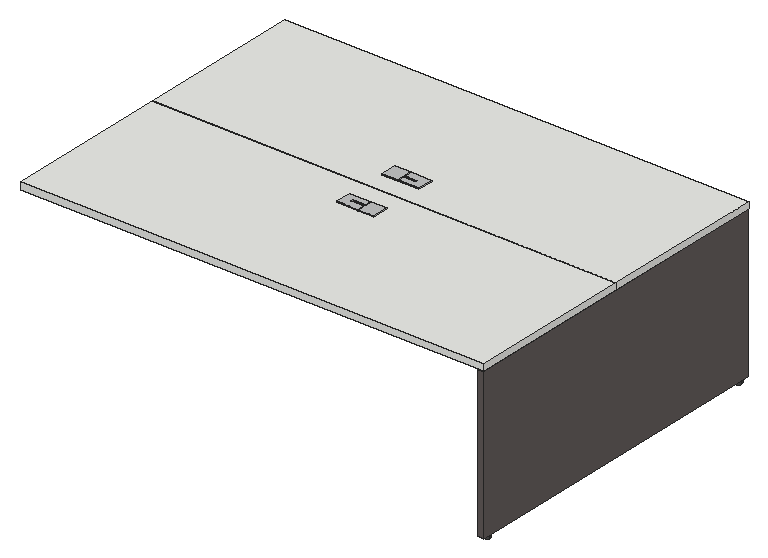
Revit family "Spine_Desks-Teknion-RMDEL_Spine_Desk_Shared_Right_End_Position-R2019", category Furniture, Revit 2019
Family settings
  OmniClass Number = 23.40.20.00
  OmniClass Title = General Furniture and Specialties
  Work Plane-Based = No
  Always vertical = Yes
  Cut with Voids When Loaded = No
  Shared = Yes
  Room Calculation Point = No
Parameters (values of type "Rectangular Grommets Centered, Raised Modesty Panel")
  Worksurface Grommet / Access Door Finish [instance] = Paint - Teknion - Mica - Platinum
  Worksurface Finish [instance] = Foundation Laminate - Teknion - XG - Very White
  Width [instance] = 84.000"
  Warranty = "http://www.teknion.com/ca/papers/legal-canada"
  Unit Weight URL = "http://www.teknion.com/ca/tools/assets#&asset=bee6a381-b954-425e-8283-5a2de3a804f2,f828d448-4b62-4231-9e5f-9a8991c0ed77"
  URL = "www.teknion.com"
  To render please download texture images found here [instance] = "https://assets.teknion.com/web/5e81352c1dfdb467/revit-material-swatches/"
  Sustainability Data = "https://www.teknion.com/ca/tools/assets#&topic=216f99a5-57a0-44fc-b10a-9dee9b29ae4c&asset=444deb64-fe58-4b68-981e-f75e97781df7,b4ff2d81-9f2e-437d-9659-7cffb09c31cf"
  Series = "Expansion Desking"  # constant formula
  Right Access Door = no
  Product Page URL = "https://www.teknion.com/ca/products/product-details?productLineId=2b4e336e-8e7a-673b-a6c8-ff00004460c4"
  Product Line = "Expansion Desking"  # constant formula
  Product Documentation Link = "https://www.teknion.com/pricing/expansion-desking/pdfs/RMDEL_ppg.pdf"
  Part Number = "RMDEL"  # constant formula
  Modesty Panel Finish [instance] = Veneer - Teknion - VB - Flintwood - Black Walnut
  Model = "RMDELRC_____"
  Manufacturer Phone = "416-661-3370"  # constant formula
  Manufacturer Fax = "416.661.4586"  # constant formula
  Manufacturer Contact Information = "http://www.teknion.com/ca/contactus"
  Manufacturer Address = "1150 Flint Road, Toronto, ON. M3J 2J5. Canada"  # constant formula
  Manufacturer = "Teknion"  # constant formula
  Middle Access Door = no
  Left Access Door = no
  How To Use Teknion Materials User Guide [instance] = "https://assets.teknion.com/m/205dd0a49fa58060/original/How-to-add-a-Material-Library-and-Texture-Images-to-your-Revit-project.pdf"
  Has Full End Gable No Grommet [instance] = not(Has Full End Gable Grommet)  # yes
  Has Full End Gable Grommet [instance] = no
  Full End Gable Grommet Options [instance] = "Select one option below:"  # constant formula
  Full End Gable Finish [instance] = Veneer - Teknion - VB - Flintwood - Black Walnut
  Front Access Panel Cutout Offset [instance] = if(Offset Left Access Door, 15.000", if(Offset Right Access Door, Width - 15.000", if(Left Access Door, 15.000", if(Middle Access Door, Width / 2, Width - 15.000"))))  # 69.000"
  For Additional Finishes please visit [instance] = "https://assets.teknion.com/m/44a8009b046e5d47/original/Teknion_Materials_Library.zip"
  Offset Right Access Door = no
  Description = "Spine Desk - Shared - Right-End Position, Raised Modesty Panel, Rectangular Grommets Centered"
  Depth [instance] = 60.000"
  Offset Left Access Door = no
  Connection Node Visibility [instance] = yes
  Center Grommet Cutout [instance] = if(Centered Rectangular Grommet, 3.000", 0.500")  # 3.000"
  Centered Rectangular Grommet = yes
  Both End Grommet Cutout [instance] = if(Both Ends Rectangular Grommet, 3.000", 0.500")  # 0.500"
  Back Access Panel Cutout Offset [instance] = if(Offset Left Access Door, Width - 15.000", if(Offset Right Access Door, 15.000", if(Left Access Door, 15.000", if(Middle Access Door, Width / 2, Width - 15.000"))))  # 69.000"
  Both Ends Rectangular Grommet = no
  Available Width [instance] = if(or(Both Ends Rectangular Grommet, Left Access Door, Right Access Door), "48\", 54\", 60\", 66\", 72\", 78\", or 84\"", if(or(Offset Left Access Door, Offset Right Access Door), "60\", 66\", 72\", 78\", or 84\"", "30\", 36\", 42\", 48\", 54\", 60\", 66\", 72\", 78\", or 84\""))  # "30\", 36\", 42\", 48\", 54\", 60\", 66\", 72\", 78\", or 84\""
  Available Depth [instance] = "48\", or 60\""  # constant formula
  Assembly Code = "E2020200"
  Access Door Cutout [instance] = if(Access Door, 3.000", 0.500")  # 0.500"
  Access Door = or(Offset Left Access Door, Offset Right Access Door, Left Access Door, Middle Access Door, Right Access Door)  # no
Types (8): name | Right Access Door | Model | Middle Access Door | Left Access Door | Front Access Panel Cutout Offset | Offset Right Access Door | Description | Offset Left Access Door | Center Grommet Cutout | Centered Rectangular Grommet | Both End Grommet Cutout | Back Access Panel Cutout Offset | Both Ends Rectangular Grommet | Available Width | Access Door Cutout | Access Door
  (no name) | no | "RMDELRC_____" | no | no | 69.000" | no | "Spine Desk - Shared - Right-End Position, Raised Modesty Panel, Rectangular Grommets Centered" | no | 3.000" | yes | 0.500" | 69.000" | no | "30\", 36\", 42\", 48\", 54\", 60\", 66\", 72\", 78\", or 84\"" | 0.500" | no
  Rectangular Grommets Both Ends, Raised Modesty Panel | no | "RMDELRB_____" | no | no | 69.000" | no | "Spine Desk - Shared - Right-End Position, Raised Modesty Panel, Rectangular Grommets Both Ends" | no | 0.500" | no | 3.000" | 69.000" | yes | "48\", 54\", 60\", 66\", 72\", 78\", or 84\"" | 0.500" | no
  Rectangular Grommets Centered, Raised Modesty Panel | no | "RMDELRC_____" | no | no | 69.000" | no | "Spine Desk - Shared - Right-End Position, Raised Modesty Panel, Rectangular Grommets Centered" | no | 3.000" | yes | 0.500" | 69.000" | no | "30\", 36\", 42\", 48\", 54\", 60\", 66\", 72\", 78\", or 84\"" | 0.500" | no
  Access Door Offset Left, Raised Modesty Panel | no | "RMDELRD_____" | no | no | 15.000" | no | "Spine Desk - Shared - Right-End Position, Raised Modesty Panel, Access Door Offset Left" | yes | 0.500" | no | 0.500" | 69.000" | no | "60\", 66\", 72\", 78\", or 84\"" | 3.000" | yes
  Access Door Offset Right, Raised Modesty Panel | no | "RMDELRE_____" | no | no | 69.000" | yes | "Spine Desk - Shared - Right-End Position, Raised Modesty Panel, Access Door Offset Right" | no | 0.500" | no | 0.500" | 15.000" | no | "60\", 66\", 72\", 78\", or 84\"" | 3.000" | yes
  Access Door Left, Raised Modesty Panel | no | "RMDELRL_____" | no | yes | 15.000" | no | "Spine Desk - Shared - Right-End Position, Raised Modesty Panel, Access Door Left" | no | 0.500" | no | 0.500" | 15.000" | no | "48\", 54\", 60\", 66\", 72\", 78\", or 84\"" | 3.000" | yes
  Access Door Middle, Raised Modesty Panel | no | "RMDELRM_____" | yes | no | 42.000" | no | "Spine Desk - Shared - Right-End Position, Raised Modesty Panel, Access Door Middle" | no | 0.500" | no | 0.500" | 42.000" | no | "30\", 36\", 42\", 48\", 54\", 60\", 66\", 72\", 78\", or 84\"" | 3.000" | yes
  Access Door Right, Raised Modesty Panel | yes | "RMDELRR_____" | no | no | 69.000" | no | "Spine Desk - Shared - Right-End Position, Raised Modesty Panel, Access Door Right" | no | 0.500" | no | 0.500" | 69.000" | no | "48\", 54\", 60\", 66\", 72\", 78\", or 84\"" | 3.000" | yes
Reference planes (in)
  plane 1 "Center Front/Back": y = 0
  plane 2: z = 0
  plane 3 "Center Left/Right": x = 0
  plane 4 "Left": x = -42
  plane 5 "Right": x = 42
  plane 6 "Back": y = 30
  plane 7 "Front": y = -30
  plane 8 "Top": z = 29
  plane 9 "Front Access Panel": x = 27
  plane 10 "Back Access Panel": x = 27
Forms (in)
  Sweep 1, solid, material "Veneer - Teknion - VB - Flintwood - Black Walnut" <- "Modesty Panel Finish"
    path origin (0, 0, 0) x (1, 0, 0) y (0, 0, 1)
      loop
        line (0, 8.8376) -> (0, 23.5626)
    profile origin (0, 0, 16.2001) x (-1, 0, 0) y (0, -1, 0)
      loop
        line (41.492, -0.50787) -> (41.492, 0.50787) -> (-40.98425, 0.50787) -> (-40.98425, -0.50787) -> (41.492, -0.50787)
  Sweep 2, solid, material "Foundation Laminate - Teknion - XG - Very White" <- "Worksurface Finish"
    path origin (0, 0, 0) x (1, 0, 0) y (0, 0, 1)
      loop
        line (0, 27.81102) -> (0, 29)
    profile origin (0, 0, 28.40551) x (-1, 0, 0) y (0, -1, 0)
      loop
        line (42, -30) -> (42, 0) -> (-42, 0) -> (-42, -30) -> (42, -30)
  Sweep 3, solid, material "Foundation Laminate - Teknion - XG - Very White" <- "Worksurface Finish"
    path origin (0, 0, 0) x (1, 0, 0) y (0, 0, 1)
      loop
        line (0, 27.81102) -> (0, 29)
    profile origin (0, 0, 28.40551) x (-1, 0, 0) y (0, -1, 0)
      loop
        line (42, 0) -> (42, 30) -> (-42, 30) -> (-42, 0) -> (42, 0)
  Sweep 4, solid
    path origin (0, 0, 0) x (1, 0, 0) y (0, 1, 0)
      loop
        line (-39, 0) -> (39, 0)
    profile origin (0, 0, 0) x (0, 1, 0) y (0, 0, 1)
      loop
        line (5.14456, 25.62599) -> (5.58984, 24.79327) -> (5.58984, 22.38189) -> (2.91599, 22.38189) -> (2.29137, 23.55663) -> (1.97556, 23.49525) -> (1.96166, 23.56674) -> (1.75495, 23.52657) -> (1.79627, 23.31401) -> (2.00298, 23.35419) -> (1.98908, 23.42568) -> (2.25341, 23.47707) -> (2.87341, 22.31102) -> (5.6607, 22.31102) -> (5.6607, 24.81102) -> (5.11966, 25.82283) -> (4.88189, 25.82283) -> (4.88189, 25.62599) -> (5.14456, 25.62599)
      loop
        line (-5.14456, 25.62599) -> (-4.88189, 25.62599) -> (-4.88189, 25.82283) -> (-5.11966, 25.82283) -> (-5.6607, 24.81102) -> (-5.6607, 22.31102) -> (-2.87341, 22.31102) -> (-2.25341, 23.47707) -> (-1.98908, 23.42568) -> (-2.00298, 23.35419) -> (-1.79627, 23.31401) -> (-1.75495, 23.52657) -> (-1.96166, 23.56674) -> (-1.97556, 23.49525) -> (-2.29137, 23.55663) -> (-2.91599, 22.38189) -> (-5.58984, 22.38189) -> (-5.58984, 24.79327) -> (-5.14456, 25.62599)
  Sweep 5, solid, material "Paint - Teknion - Foundation - Ebony"
    path origin (0, 0, 0) x (1, 0, 0) y (0, 0, 1)
      loop
        line (0, 27.69134) -> (0, 27.81102)
    profile origin (0, 0, 27.75118) x (-1, 0, 0) y (0, -1, 0)
      loop
        line (-41.83071, -26.62205) -> (-41.83071, -28.62205) -> (-40.01969, -28.62205) -> (-40.01969, -26.62205) -> (-41.83071, -26.62205)
      loop
        line (-41.83071, 28.62205) -> (-41.83071, 26.62205) -> (-40.01969, 26.62205) -> (-40.01969, 28.62205) -> (-41.83071, 28.62205)
      loop
        line (-41.83071, -3.09449) -> (-40.01969, -3.09449) -> (-40.01969, -1.09449) -> (-41.83071, -1.09449) -> (-41.83071, -3.09449)
      loop
        line (-41.83071, 3.09449) -> (-41.83071, 1.09449) -> (-40.01969, 1.09449) -> (-40.01969, 3.09449) -> (-41.83071, 3.09449)
  Sweep 6, solid, material "Veneer - Teknion - VB - Flintwood - Black Walnut" <- "Full End Gable Finish"
    path origin (0, 0, 0) x (1, 0, 0) y (0, 0, 1)
      loop
        line (0, 27.69134) -> (0, 0.60236)
    profile origin (0, 0, 14.14685) x (0, -1, 0) y (1, 0, 0)
      loop
        line (-30, 42) -> (-30, 40.98425) -> (30, 40.98425) -> (30, 42) -> (-30, 42)
  Sweep 7, solid, material "Paint - Teknion - Mica - Platinum" <- "Worksurface Grommet / Access Door Finish", visible <- "Both Ends Rectangular Grommet"
    path origin (0, 0, 0) x (1, 0, 0) y (0, 0, 1)
      loop
        line (0, 29.15748) -> (0, 29)
    profile origin (0, 0, 29.07874) x (0, -1, 0) y (1, 0, 0)
      loop
        line (-6.50077, -40.57716) -> (-3.65671, -40.57716) -> (-3.65671, -37.72893) -> (-6.50077, -37.72893) -> (-6.50077, -40.57716)
      loop
        line (3.65671, -40.57716) -> (6.50077, -40.57716) -> (6.50077, -37.72893) -> (3.65671, -37.72893) -> (3.65671, -40.57716)
      loop
        line (-6.50077, 37.72893) -> (-3.65671, 37.72893) -> (-3.65671, 40.57716) -> (-6.50077, 40.57716) -> (-6.50077, 37.72893)
      loop
        line (3.65671, 37.72893) -> (6.50077, 37.72893) -> (6.50077, 40.57716) -> (3.65671, 40.57716) -> (3.65671, 37.72893)
  Sweep 8, solid, material "Paint - Teknion - Mica - Platinum" <- "Worksurface Grommet / Access Door Finish", visible <- "Both Ends Rectangular Grommet"
    path origin (0, 0, 0) x (1, 0, 0) y (0, 0, 1)
      loop
        line (0, 29.15748) -> (0, 29)
    profile origin (0, 0, 29.07874) x (0, -1, 0) y (1, 0, 0)
      loop
        line (-6.50077, -37.72893) -> (-5.29141, -37.72893) -> (-5.29141, -35.45033) -> (-4.86607, -35.45033) -> (-4.86607, -37.72893) -> (-3.65671, -37.72893) -> (-3.65671, -33.92284) -> (-6.50077, -33.92284) -> (-6.50077, -37.72893)
      loop
        line (6.50077, -37.72893) -> (6.50077, -33.92284) -> (3.65671, -33.92284) -> (3.65671, -37.72893) -> (4.86607, -37.72893) -> (4.86607, -35.45033) -> (5.29141, -35.45033) -> (5.29141, -37.72893) -> (6.50077, -37.72893)
      loop
        line (-6.50077, 37.72893) -> (-6.50077, 33.92284) -> (-3.65671, 33.92284) -> (-3.65671, 37.72893) -> (-4.86607, 37.72893) -> (-4.86607, 35.45033) -> (-5.29141, 35.45033) -> (-5.29141, 37.72893) -> (-6.50077, 37.72893)
      loop
        line (6.50077, 37.72893) -> (5.29141, 37.72893) -> (5.29141, 35.45033) -> (4.86607, 35.45033) -> (4.86607, 37.72893) -> (3.65671, 37.72893) -> (3.65671, 33.92284) -> (6.50077, 33.92284) -> (6.50077, 37.72893)
  Sweep 9, solid, material "Paint - Teknion - Mica - Platinum" <- "Worksurface Grommet / Access Door Finish", visible <- "Centered Rectangular Grommet"
    path origin (0, 0, 0) x (1, 0, 0) y (0, 0, 1)
      loop
        line (0, 29) -> (0, 29.15748)
    profile origin (0, 0, 29.07874) x (-1, 0, 0) y (0, -1, 0)
      loop
        line (3.32716, -6.50077) -> (3.32716, -3.65671) -> (0.47893, -3.65671) -> (0.47893, -6.50077) -> (3.32716, -6.50077)
      loop
        line (-0.47893, 3.65671) -> (-0.47893, 6.50077) -> (-3.32716, 6.50077) -> (-3.32716, 3.65671) -> (-0.47893, 3.65671)
  Sweep 10, solid, material "Paint - Teknion - Mica - Platinum" <- "Worksurface Grommet / Access Door Finish", visible <- "Centered Rectangular Grommet"
    path origin (0, 0, 0) x (1, 0, 0) y (0, 0, 1)
      loop
        line (0, 29) -> (0, 29.15748)
    profile origin (0, 0, 29.07874) x (-1, 0, 0) y (0, -1, 0)
      loop
        line (0.47893, -6.50077) -> (0.47893, -5.29141) -> (-1.79967, -5.29141) -> (-1.79967, -4.86607) -> (0.47893, -4.86607) -> (0.47893, -3.65671) -> (-3.32716, -3.65671) -> (-3.32716, -6.50077) -> (0.47893, -6.50077)
      loop
        line (-0.47893, 6.50077) -> (-0.47893, 5.29141) -> (1.79967, 5.29141) -> (1.79967, 4.86607) -> (-0.47893, 4.86607) -> (-0.47893, 3.65671) -> (3.32716, 3.65671) -> (3.32716, 6.50077) -> (-0.47893, 6.50077)
  Sweep 11, solid, material "Paint - Teknion - Mica - Platinum" <- "Worksurface Grommet / Access Door Finish", visible <- "Access Door"
    path origin (0, 0, 0) x (1, 0, 0) y (0, 0, 1)
      loop
        line (0, 29.07874) -> (0, 29)
    profile origin (0, 0, 29.03937) x (0, -1, 0) y (1, 0, 0)
      loop
        line (1.39665, 22.27559) -> (7.85335, 22.27559) -> (7.85335, 31.72441) -> (1.39665, 31.72441) -> (1.39665, 22.27559)
      loop
        line (7.53839, 22.59055) -> (7.53839, 31.40945) -> (1.71161, 31.40945) -> (1.71161, 22.59055) -> (7.53839, 22.59055)
      loop
        line (2.24311, 22.62992) -> (7.00689, 22.62992) -> (7.00689, 31.37008) -> (2.24311, 31.37008) -> (2.24311, 22.62992)
      loop
        line (-1.39665, 31.72441) -> (-7.85335, 31.72441) -> (-7.85335, 22.27559) -> (-1.39665, 22.27559) -> (-1.39665, 31.72441)
      loop
        line (-7.53839, 31.40945) -> (-7.53839, 22.59055) -> (-1.71161, 22.59055) -> (-1.71161, 31.40945) -> (-7.53839, 31.40945)
      loop
        line (-2.24311, 31.37008) -> (-7.00689, 31.37008) -> (-7.00689, 22.62992) -> (-2.24311, 22.62992) -> (-2.24311, 31.37008)
  Sweep 12, void
    path origin (0, 0, 0) x (1, 0, 0) y (0, 0, 1)
      loop
        line (0, 30) -> (0, 29.5)
    profile origin (0, 0, 29.75) x (0, -1, 0) y (1, 0, 0)
      loop
        line (1.8937, 22.375) -> (7.3563, 22.375)
        arc (7.3563, 22.375) -> (7.63469, 22.49031) -> (7.75, 22.7687) r 0.3937
        line (7.75, 22.7687) -> (7.75, 31.2313)
        arc (7.75, 31.2313) -> (7.63469, 31.50969) -> (7.3563, 31.625) r 0.3937
        line (7.3563, 31.625) -> (1.8937, 31.625)
        arc (1.8937, 31.625) -> (1.61531, 31.50969) -> (1.5, 31.2313) r 0.3937
        line (1.5, 31.2313) -> (1.5, 22.7687)
        arc (1.5, 22.7687) -> (1.61531, 22.49031) -> (1.8937, 22.375) r 0.3937
      loop
        line (-7.3563, 22.375) -> (-1.8937, 22.375)
        arc (-1.8937, 22.375) -> (-1.61531, 22.49031) -> (-1.5, 22.7687) r 0.3937
        line (-1.5, 22.7687) -> (-1.5, 31.2313)
        arc (-1.5, 31.2313) -> (-1.61531, 31.50969) -> (-1.8937, 31.625) r 0.3937
        line (-1.8937, 31.625) -> (-7.3563, 31.625)
        arc (-7.3563, 31.625) -> (-7.63469, 31.50969) -> (-7.75, 31.2313) r 0.3937
        line (-7.75, 31.2313) -> (-7.75, 22.7687)
        arc (-7.75, 22.7687) -> (-7.63469, 22.49031) -> (-7.3563, 22.375) r 0.3937
  Sweep 13, void
    path origin (0, 0, 0) x (1, 0, 0) y (0, 0, 1)
      loop
        line (0, 27) -> (0, 30)
    profile origin (0, 0, 28.5) x (-1, 0, 0) y (0, -1, 0)
      loop
        line (0.29194, -6.10495) -> (2.1422, -5.57859)
        arc (2.1422, -5.57859) -> (2.51969, -5.07874) -> (2.1422, -4.57889) r 0.51969
        line (2.1422, -4.57889) -> (0.29194, -4.05253)
        arc (0.29194, -4.05253) -> (0, -4.01181) -> (-0.29194, -4.05253) r 1.06693
        line (-0.29194, -4.05253) -> (-2.1422, -4.57889)
        arc (-2.1422, -4.57889) -> (-2.51968, -5.07874) -> (-2.1422, -5.57859) r 0.51969
        line (-2.1422, -5.57859) -> (-0.29194, -6.10495)
        arc (-0.29194, -6.10495) -> (0, -6.14567) -> (0.29194, -6.10495) r 1.06693
      loop
        line (0.29194, 4.05253) -> (2.1422, 4.57889)
        arc (2.1422, 4.57889) -> (2.51968, 5.07874) -> (2.1422, 5.57859) r 0.51969
        line (2.1422, 5.57859) -> (0.29194, 6.10495)
        arc (0.29194, 6.10495) -> (0, 6.14567) -> (-0.29194, 6.10495) r 1.06693
        line (-0.29194, 6.10495) -> (-2.1422, 5.57859)
        arc (-2.1422, 5.57859) -> (-2.51969, 5.07874) -> (-2.1422, 4.57889) r 0.51969
        line (-2.1422, 4.57889) -> (-0.29194, 4.05253)
        arc (-0.29194, 4.05253) -> (0, 4.01181) -> (0.29194, 4.05253) r 1.06693
  Sweep 14, void
    path origin (0, 0, 0) x (1, 0, 0) y (0, 0, 1)
      loop
        line (0, 30) -> (0, 29.5)
    profile origin (0, 0, 29.75) x (0, -1, 0) y (1, 0, 0)
      loop
        line (-6.10495, -37.54194) -> (-5.57859, -39.3922)
        arc (-5.57859, -39.3922) -> (-5.07874, -39.76968) -> (-4.57889, -39.3922) r 0.51969
        line (-4.57889, -39.3922) -> (-4.05253, -37.54194)
        arc (-4.05253, -37.54194) -> (-4.01181, -37.25) -> (-4.05253, -36.95806) r 1.06693
        line (-4.05253, -36.95806) -> (-4.57889, -35.1078)
        arc (-4.57889, -35.1078) -> (-5.07874, -34.73032) -> (-5.57859, -35.1078) r 0.51969
        line (-5.57859, -35.1078) -> (-6.10495, -36.95806)
        arc (-6.10495, -36.95806) -> (-6.14567, -37.25) -> (-6.10495, -37.54194) r 1.06693
      loop
        line (4.05253, -37.54193) -> (4.57889, -39.3922)
        arc (4.57889, -39.3922) -> (5.07874, -39.76968) -> (5.57859, -39.3922) r 0.51969
        line (5.57859, -39.3922) -> (6.10495, -37.54193)
        arc (6.10495, -37.54193) -> (6.14567, -37.25) -> (6.10495, -36.95806) r 1.06693
        line (6.10495, -36.95806) -> (5.57859, -35.1078)
        arc (5.57859, -35.1078) -> (5.07874, -34.73031) -> (4.57889, -35.1078) r 0.51969
        line (4.57889, -35.1078) -> (4.05253, -36.95806)
        arc (4.05253, -36.95806) -> (4.01181, -37.25) -> (4.05253, -37.54193) r 1.06693
      loop
        line (-6.10495, 36.95807) -> (-5.57859, 35.1078)
        arc (-5.57859, 35.1078) -> (-5.07874, 34.73032) -> (-4.57889, 35.1078) r 0.51969
        line (-4.57889, 35.1078) -> (-4.05253, 36.95807)
        arc (-4.05253, 36.95807) -> (-4.01181, 37.25) -> (-4.05253, 37.54194) r 1.06693
        line (-4.05253, 37.54194) -> (-4.57889, 39.3922)
        arc (-4.57889, 39.3922) -> (-5.07874, 39.76969) -> (-5.57859, 39.3922) r 0.51969
        line (-5.57859, 39.3922) -> (-6.10495, 37.54194)
        arc (-6.10495, 37.54194) -> (-6.14567, 37.25) -> (-6.10495, 36.95807) r 1.06693
      loop
        line (4.05253, 36.95807) -> (4.57889, 35.10781)
        arc (4.57889, 35.10781) -> (5.07874, 34.73032) -> (5.57859, 35.10781) r 0.51969
        line (5.57859, 35.10781) -> (6.10495, 36.95807)
        arc (6.10495, 36.95807) -> (6.14567, 37.25) -> (6.10495, 37.54194) r 1.06693
        line (6.10495, 37.54194) -> (5.57859, 39.3922)
        arc (5.57859, 39.3922) -> (5.07874, 39.76969) -> (4.57889, 39.3922) r 0.51969
        line (4.57889, 39.3922) -> (4.05253, 37.54194)
        arc (4.05253, 37.54194) -> (4.01181, 37.25) -> (4.05253, 36.95807) r 1.06693
  Sweep 15, solid, material "Paint - Teknion - Mica - Platinum" <- "Worksurface Grommet / Access Door Finish", visible <- "Has Full End Gable Grommet"
    path origin (0, 0, 0) x (1, 0, 0) y (0, 1, 0)
      loop
        line (42.05906, 0) -> (42, 0)
    profile origin (42.02953, 0, 0) x (0, -1, 0) y (0, 0, 1)
      loop
        arc (-3.89567, 26.38878) -> (-4.7874, 26.51116) -> (-5.67913, 26.38878) r 3.3101
        line (-5.67913, 26.38878) -> (-5.67913, 22.38091)
        arc (-5.67913, 22.38091) -> (-4.7874, 22.25853) -> (-3.89567, 22.38091) r 3.3101
        line (-3.89567, 22.38091) -> (-3.89567, 26.38878)
      loop
        line (3.89567, 26.38878) -> (3.89567, 22.38091)
        arc (3.89567, 22.38091) -> (4.7874, 22.25853) -> (5.67913, 22.38091) r 3.3101
        line (5.67913, 22.38091) -> (5.67913, 26.38878)
        arc (5.67913, 26.38878) -> (4.7874, 26.51116) -> (3.89567, 26.38878) r 3.3101
  Sweep 16, solid, material "Plastic - Teknion - E - Ebony"
    path origin (0, 0, 0) x (1, 0, 0) y (0, 0, 1)
      loop
        line (0, 0) -> (0, 0.60236)
    profile origin (0, 0, 0.30118) x (-1, 0, 0) y (0, -1, 0)
      loop
        circle (-41.49213, -28.50067) r 0.5
      loop
        circle (-41.49213, 28.50067) r 0.5
Cuts and joins
  Sweep 12, Sweep 13, Sweep 14 cuts Sweep 2
  Sweep 12, Sweep 13, Sweep 14 cuts Sweep 3
Lines and regions (in)
  Masking region 1
    outline origin (0, 0, 0) x (1, 0, 0) y (0, 1, 0)
      loop
        line (-42, -30) -> (42, -30) -> (42, 0) -> (-42, 0) -> (-42, -30)
  Masking region 2
    outline origin (0, 0, 0) x (1, 0, 0) y (0, 1, 0)
      loop
        line (42, 30) -> (-42, 30) -> (-42, 0) -> (42, 0) -> (42, 30)
  symbolic lines, visible <- "Access Door"
    curve 1: line (22.27559, -1.39665, 0) -> (22.27559, -7.85335, 0)
    curve 2: line (22.27559, -7.85335, 0) -> (31.72441, -7.85335, 0)
    curve 3: line (31.72441, -7.85335, 0) -> (31.72441, -1.39665, 0)
    curve 4: line (31.72441, -1.39665, 0) -> (22.27559, -1.39665, 0)
    curve 5: line (22.59055, -7.53839, 0) -> (22.59055, -1.71161, 0)
    curve 6: line (22.59055, -1.71161, 0) -> (31.40945, -1.71161, 0)
    curve 7: line (31.40945, -1.71161, 0) -> (31.40945, -7.53839, 0)
    curve 8: line (31.40945, -7.53839, 0) -> (22.59055, -7.53839, 0)
    curve 9: line (22.62992, -7.00689, 0) -> (31.37008, -7.00689, 0)
    curve 10: line (31.37008, -7.00689, 0) -> (31.37008, -2.24311, 0)
    curve 11: line (31.37008, -2.24311, 0) -> (22.62992, -2.24311, 0)
    curve 12: line (22.62992, -2.24311, 0) -> (22.62992, -7.00689, 0)
    curve 13: line (31.72441, 7.85335, 0) -> (22.27559, 7.85335, 0)
    curve 14: line (22.27559, 7.85335, 0) -> (22.27559, 1.39665, 0)
    curve 15: line (22.27559, 1.39665, 0) -> (31.72441, 1.39665, 0)
    curve 16: line (31.72441, 1.39665, 0) -> (31.72441, 7.85335, 0)
    curve 17: line (22.59055, 7.53839, 0) -> (31.40945, 7.53839, 0)
    curve 18: line (31.40945, 7.53839, 0) -> (31.40945, 1.71161, 0)
    curve 19: line (31.40945, 1.71161, 0) -> (22.59055, 1.71161, 0)
    curve 20: line (22.59055, 1.71161, 0) -> (22.59055, 7.53839, 0)
    curve 21: line (31.37008, 7.00689, 0) -> (22.62992, 7.00689, 0)
    curve 22: line (22.62992, 7.00689, 0) -> (22.62992, 2.24311, 0)
    curve 23: line (22.62992, 2.24311, 0) -> (31.37008, 2.24311, 0)
    curve 24: line (31.37008, 2.24311, 0) -> (31.37008, 7.00689, 0)
  symbolic lines, visible <- "Both Ends Rectangular Grommet"
    curve 25: line (-37.72893, 6.50077, 0) -> (-40.57716, 6.50077, 0)
    curve 26: line (-40.57716, 6.50077, 0) -> (-40.57716, 3.65671, 0)
    curve 27: line (-40.57716, 3.65671, 0) -> (-37.72893, 3.65671, 0)
    curve 28: line (-37.72893, 3.65671, 0) -> (-37.72893, 6.50077, 0)
    curve 29: line (-37.72893, -3.65671, 0) -> (-40.57716, -3.65671, 0)
    curve 30: line (-40.57716, -3.65671, 0) -> (-40.57716, -6.50077, 0)
    curve 31: line (-40.57716, -6.50077, 0) -> (-37.72893, -6.50077, 0)
    curve 32: line (-37.72893, -6.50077, 0) -> (-37.72893, -3.65671, 0)
    curve 33: line (-33.92284, -3.65671, 0) -> (-37.72893, -3.65671, 0)
    curve 34: line (-37.72893, -3.65671, 0) -> (-37.72893, -4.86607, 0)
    curve 35: line (-37.72893, -4.86607, 0) -> (-35.45033, -4.86607, 0)
    curve 36: line (-35.45033, -4.86607, 0) -> (-35.45033, -5.29141, 0)
    curve 37: line (-35.45033, -5.29141, 0) -> (-37.72893, -5.29141, 0)
    curve 38: line (-37.72893, -5.29141, 0) -> (-37.72893, -6.50077, 0)
    curve 39: line (-37.72893, -6.50077, 0) -> (-33.92284, -6.50077, 0)
    curve 40: line (-33.92284, -6.50077, 0) -> (-33.92284, -3.65671, 0)
    curve 41: line (-33.92284, 6.50077, 0) -> (-37.72893, 6.50077, 0)
    curve 42: line (-37.72893, 6.50077, 0) -> (-37.72893, 5.29141, 0)
    curve 43: line (-37.72893, 5.29141, 0) -> (-35.45033, 5.29141, 0)
    curve 44: line (-35.45033, 5.29141, 0) -> (-35.45033, 4.86607, 0)
    curve 45: line (-35.45033, 4.86607, 0) -> (-37.72893, 4.86607, 0)
    curve 46: line (-37.72893, 4.86607, 0) -> (-37.72893, 3.65671, 0)
    curve 47: line (-37.72893, 3.65671, 0) -> (-33.92284, 3.65671, 0)
    curve 48: line (-33.92284, 3.65671, 0) -> (-33.92284, 6.50077, 0)
    curve 49: line (40.57716, 6.50077, 0) -> (37.72893, 6.50077, 0)
    curve 50: line (37.72893, 6.50077, 0) -> (37.72893, 3.65671, 0)
    curve 51: line (37.72893, 3.65671, 0) -> (40.57716, 3.65671, 0)
    curve 52: line (40.57716, 3.65671, 0) -> (40.57716, 6.50077, 0)
    curve 53: line (37.72893, 6.50077, 0) -> (33.92284, 6.50077, 0)
    curve 54: line (33.92284, 6.50077, 0) -> (33.92284, 3.65671, 0)
    curve 55: line (33.92284, 3.65671, 0) -> (37.72893, 3.65671, 0)
    curve 56: line (37.72893, 3.65671, 0) -> (37.72893, 4.86607, 0)
    curve 57: line (37.72893, 4.86607, 0) -> (35.45033, 4.86607, 0)
    curve 58: line (35.45033, 4.86607, 0) -> (35.45033, 5.29141, 0)
    curve 59: line (35.45033, 5.29141, 0) -> (37.72893, 5.29141, 0)
    curve 60: line (37.72893, 5.29141, 0) -> (37.72893, 6.50077, 0)
    curve 61: line (40.57716, -3.65671, 0) -> (37.72893, -3.65671, 0)
    curve 62: line (37.72893, -3.65671, 0) -> (37.72893, -6.50077, 0)
    curve 63: line (37.72893, -6.50077, 0) -> (40.57716, -6.50077, 0)
    curve 64: line (40.57716, -6.50077, 0) -> (40.57716, -3.65671, 0)
    curve 65: line (37.72893, -3.65671, 0) -> (33.92284, -3.65671, 0)
    curve 66: line (33.92284, -3.65671, 0) -> (33.92284, -6.50077, 0)
    curve 67: line (33.92284, -6.50077, 0) -> (37.72893, -6.50077, 0)
    curve 68: line (37.72893, -6.50077, 0) -> (37.72893, -5.29141, 0)
    curve 69: line (37.72893, -5.29141, 0) -> (35.45033, -5.29141, 0)
    curve 70: line (35.45033, -5.29141, 0) -> (35.45033, -4.86607, 0)
    curve 71: line (35.45033, -4.86607, 0) -> (37.72893, -4.86607, 0)
    curve 72: line (37.72893, -4.86607, 0) -> (37.72893, -3.65671, 0)
  symbolic lines, visible <- "Centered Rectangular Grommet"
    curve 73: line (-0.47893, 6.50077, 0) -> (-3.32716, 6.50077, 0)
    curve 74: line (-3.32716, 6.50077, 0) -> (-3.32716, 3.65671, 0)
    curve 75: line (-3.32716, 3.65671, 0) -> (-0.47893, 3.65671, 0)
    curve 76: line (-0.47893, 3.65671, 0) -> (-0.47893, 6.50077, 0)
    curve 77: line (3.32716, -3.65671, 0) -> (0.47893, -3.65671, 0)
    curve 78: line (0.47893, -3.65671, 0) -> (0.47893, -6.50077, 0)
    curve 79: line (0.47893, -6.50077, 0) -> (3.32716, -6.50077, 0)
    curve 80: line (3.32716, -6.50077, 0) -> (3.32716, -3.65671, 0)
    curve 81: line (0.47893, -3.65671, 0) -> (-3.32716, -3.65671, 0)
    curve 82: line (-3.32716, -3.65671, 0) -> (-3.32716, -6.50077, 0)
    curve 83: line (-3.32716, -6.50077, 0) -> (0.47893, -6.50077, 0)
    curve 84: line (0.47893, -6.50077, 0) -> (0.47893, -5.29141, 0)
    curve 85: line (0.47893, -5.29141, 0) -> (-1.79967, -5.29141, 0)
    curve 86: line (-1.79967, -5.29141, 0) -> (-1.79967, -4.86607, 0)
    curve 87: line (-1.79967, -4.86607, 0) -> (0.47893, -4.86607, 0)
    curve 88: line (0.47893, -4.86607, 0) -> (0.47893, -3.65671, 0)
    curve 89: line (-0.47893, 3.65671, 0) -> (3.32716, 3.65671, 0)
    curve 90: line (3.32716, 3.65671, 0) -> (3.32716, 6.50077, 0)
    curve 91: line (3.32716, 6.50077, 0) -> (-0.47893, 6.50077, 0)
    curve 92: line (-0.47893, 6.50077, 0) -> (-0.47893, 5.29141, 0)
    curve 93: line (-0.47893, 5.29141, 0) -> (1.79967, 5.29141, 0)
    curve 94: line (1.79967, 5.29141, 0) -> (1.79967, 4.86607, 0)
    curve 95: line (1.79967, 4.86607, 0) -> (-0.47893, 4.86607, 0)
    curve 96: line (-0.47893, 4.86607, 0) -> (-0.47893, 3.65671, 0)
  symbolic lines, style "FurnitureHiddenLines", detail levels medium+fine
    curve 97: line (40.98425, -30, 0) -> (40.98425, 30, 0)
    curve 98: line (41.83071, -26.62205, 0) -> (40.01969, -26.62205, 0)
    curve 99: line (40.01969, -26.62205, 0) -> (40.01969, -28.62205, 0)
    curve 100: line (40.01969, -28.62205, 0) -> (41.83071, -28.62205, 0)
    curve 101: line (41.83071, -28.62205, 0) -> (41.83071, -26.62205, 0)
    curve 102: line (41.83071, -1.09449, 0) -> (40.01969, -1.09449, 0)
    curve 103: line (40.01969, -1.09449, 0) -> (40.01969, -3.09449, 0)
    curve 104: line (40.01969, -3.09449, 0) -> (41.83071, -3.09449, 0)
    curve 105: line (41.83071, -3.09449, 0) -> (41.83071, -1.09449, 0)
    curve 106: line (41.83071, 3.09449, 0) -> (40.01969, 3.09449, 0)
    curve 107: line (40.01969, 3.09449, 0) -> (40.01969, 1.09449, 0)
    curve 108: line (40.01969, 1.09449, 0) -> (41.83071, 1.09449, 0)
    curve 109: line (41.83071, 1.09449, 0) -> (41.83071, 3.09449, 0)
    curve 110: line (41.83071, 28.62205, 0) -> (40.01969, 28.62205, 0)
    curve 111: line (40.01969, 28.62205, 0) -> (40.01969, 26.62205, 0)
    curve 112: line (40.01969, 26.62205, 0) -> (41.83071, 26.62205, 0)
    curve 113: line (41.83071, 26.62205, 0) -> (41.83071, 28.62205, 0)
    curve 114: line (39, 5.6607, 0) -> (-39, 5.6607, 0)
    curve 115: line (39, 1.75495, 0) -> (-39, 1.75495, 0)
    curve 116: line (-39, 5.6607, 0) -> (-39, 1.75495, 0)
    curve 117: line (39, 5.6607, 0) -> (39, 1.75495, 0)
    curve 118: line (39, -1.75495, 0) -> (-39, -1.75495, 0)
    curve 119: line (-39, -5.6607, 0) -> (39, -5.6607, 0)
    curve 120: line (39, -1.75495, 0) -> (39, -5.6607, 0)
    curve 121: line (-39, -1.75495, 0) -> (-39, -5.6607, 0)
    curve 126: line (40.98425, 0.50787, 0) -> (-41.492, 0.50787, 0)
    curve 127: line (-41.492, 0.50787, 0) -> (-41.492, -0.50787, 0)
    curve 128: line (-41.492, -0.50787, 0) -> (40.98425, -0.50787, 0)
    curve 129: line (40.98425, -0.50787, 0) -> (40.98425, 0.50787, 0)
  reference lines
    curve 122: line (-42, 30, 0) -> (42.50787, 30, 0)
    curve 123: line (42, 30, 0) -> (42, -30, 0)
    curve 124: line (-42, -30, 0) -> (42, -30, 0)
    curve 125: line (-42, 30, 0) -> (-42, -30, 0)
  symbolic lines, style "FurnitureHiddenLines", detail levels fine
    curve 130: arc (40.99213, 28.50067, 0) -> (41.49213, 28.00067, 0) -> (41.99213, 28.50067, 0) r 0.5
    curve 131: arc (41.99213, 28.50067, 0) -> (41.49213, 29.00067, 0) -> (40.99213, 28.50067, 0) r 0.5
    curve 132: arc (41.99213, -28.50067, 0) -> (41.49213, -28.00067, 0) -> (40.99213, -28.50067, 0) r 0.5
    curve 133: arc (40.99213, -28.50067, 0) -> (41.49213, -29.00067, 0) -> (41.99213, -28.50067, 0) r 0.5
Dimensions and locks (in)
  "Width": plane 4 "Left" to plane 5 "Right"
  "Depth": plane 6 "Back" to plane 7 "Front"
  locked: plane 8 "Top" to level at 29
  equal spacing: plane 4 "Left", plane 3 "Center Left/Right", plane 5 "Right"
  equal spacing: plane 6 "Back", plane 1 "Center Front/Back", plane 7 "Front"
  Sweep 1 sketch curve to Sweep 1 sketch curve to level = 14.725" locked, 8.8376" locked
  locked: Sweep 1 sketch curve to plane 5 "Right" at 1.01575
  locked: plane 4 "Left" to Sweep 1 sketch curve at 0.508
  Sweep 1 sketch curve to plane 1 "Center Front/Back" to Sweep 1 sketch curve = 0.50787" locked, 0.50787" locked
  Sweep 2 sketch curve to plane 8 "Top" to Sweep 2 sketch curve = 0.000" locked, 1.18898" locked
  Sweep 3 sketch curve to plane 8 "Top" to Sweep 3 sketch curve = 0.000" locked, 1.18898" locked
  locked: plane 4 "Left" to Sweep 4 sketch curve at 3
  locked: Sweep 4 sketch curve to plane 5 "Right" at 3
  Sweep 4 sketch curve to Sweep 4 sketch curve to Sweep 4 sketch curve to Sweep 4 sketch curve to Sweep 4 sketch curve to Sweep 4 sketch curve to Sweep 4 sketch curve to Sweep 4 sketch curve to Sweep 4 sketch curve to Sweep 4 sketch curve to Sweep 4 sketch curve to Sweep 4 sketch curve to Sweep 4 sketch curve to Sweep 4 sketch curve to Sweep 4 sketch curve to plane 1 "Center Front/Back" to Sweep 4 sketch curve to Sweep 4 sketch curve to Sweep 4 sketch curve to Sweep 4 sketch curve to Sweep 4 sketch curve to Sweep 4 sketch curve to Sweep 4 sketch curve to Sweep 4 sketch curve to Sweep 4 sketch curve to Sweep 4 sketch curve to Sweep 4 sketch curve to Sweep 4 sketch curve to Sweep 4 sketch curve to Sweep 4 sketch curve to Sweep 4 sketch curve = 0.07087" locked, 0.44528" locked, 0.0249" locked, 0.23777" locked, 1.9659" locked, 0.04258" locked, 0.58204" locked, 0.03795" locked, 0.25044" locked, 0.0139" locked, 0.01352" locked, 0.0139" locked, 0.16539" locked, 0.04132" locked, 1.75495" locked, 1.75495" locked, 0.04132" locked, 0.16539" locked, 0.0139" locked, 0.01352" locked, 0.0139" locked, 0.25044" locked, 0.03795" locked, 0.58204" locked, 0.04258" locked, 1.9659" locked, 0.23777" locked, 0.0249" locked, 0.44528" locked, 0.07087" locked
  plane 8 "Top" to Sweep 4 sketch curve to Sweep 4 sketch curve to Sweep 4 sketch curve to Sweep 4 sketch curve to Sweep 4 sketch curve to Sweep 4 sketch curve to Sweep 4 sketch curve to Sweep 4 sketch curve to Sweep 4 sketch curve to Sweep 4 sketch curve to Sweep 4 sketch curve to Sweep 4 sketch curve to Sweep 4 sketch curve to Sweep 4 sketch curve to Sweep 4 sketch curve to Sweep 4 sketch curve to Sweep 4 sketch curve to Sweep 4 sketch curve to Sweep 4 sketch curve to Sweep 4 sketch curve to Sweep 4 sketch curve to Sweep 4 sketch curve to Sweep 4 sketch curve to Sweep 4 sketch curve to Sweep 4 sketch curve to Sweep 4 sketch curve to Sweep 4 sketch curve to Sweep 4 sketch curve = 3.17717" locked, 0.000" locked, 0.19685" locked, 0.000" locked, 0.81496" locked, 0.000" locked, 0.01776" locked, 0.000" locked, 1.22652" locked, 0.000" locked, 0.01011" locked, 0.000" locked, 0.03007" locked, 0.000" locked, 0.03132" locked, 0.000" locked, 0.01818" locked, 0.000" locked, 0.05138" locked, 0.000" locked, 0.0715" locked, 0.000" locked, 0.04018" locked, 0.000" locked, 0.93212" locked, 0.000" locked, 0.07087" locked, 0.000" locked
  plane 8 "Top" to Sweep 5 sketch curve to Sweep 5 sketch curve = 1.18898" locked, 0.11969" locked
  Sweep 6 sketch curve to Sweep 6 sketch curve to level = 27.08898" locked, 0.60236" locked
  Sweep 7 sketch curve to Sweep 7 sketch curve to plane 8 "Top" = 0.15748" locked, 0.000" locked
  plane 4 "Left" to Sweep 7 sketch curve to Sweep 7 sketch curve to Sweep 7 sketch curve to Sweep 7 sketch curve = 1.42284" locked, 0.000" locked, 2.84823" locked, 0.000" locked
  Sweep 7 sketch curve to Sweep 7 sketch curve to Sweep 7 sketch curve to Sweep 7 sketch curve to plane 5 "Right" = 0.000" locked, 2.84823" locked, 0.000" locked, 1.42285" locked
  Sweep 7 sketch curve to Sweep 7 sketch curve to plane 1 "Center Front/Back" to Sweep 7 sketch curve to Sweep 7 sketch curve = 2.84406" locked, 3.65671" locked, 3.65671" locked, 2.84406" locked  (x2)
  Sweep 8 sketch curve to Sweep 8 sketch curve to plane 8 "Top" = 0.15748" locked, 0.000" locked
  plane 4 "Left" to Sweep 8 sketch curve to Sweep 8 sketch curve to Sweep 8 sketch curve to Sweep 8 sketch curve to Sweep 8 sketch curve to Sweep 8 sketch curve to Sweep 8 sketch curve to Sweep 8 sketch curve = 4.27107" locked, 0.000" locked, 0.000" locked, 0.000" locked, 2.2786" locked, 0.000" locked, 1.52748" locked, 0.000" locked
  Sweep 8 sketch curve to Sweep 8 sketch curve to Sweep 8 sketch curve to Sweep 8 sketch curve to Sweep 8 sketch curve to Sweep 8 sketch curve to Sweep 8 sketch curve to Sweep 8 sketch curve to plane 5 "Right" = 0.000" locked, 1.52748" locked, 0.000" locked, 2.2786" locked, 0.000" locked, 0.000" locked, 0.000" locked, 4.27107" locked
  Sweep 9 sketch curve to Sweep 9 sketch curve to plane 8 "Top" = 0.15748" locked, 0.000" locked
  Sweep 9 sketch curve to Sweep 9 sketch curve to plane 1 "Center Front/Back" to Sweep 9 sketch curve to Sweep 9 sketch curve = 2.84406" locked, 3.65671" locked, 3.65671" locked, 2.84406" locked
  Sweep 9 sketch curve to Sweep 9 sketch curve to plane 3 "Center Left/Right" to Sweep 9 sketch curve to Sweep 9 sketch curve = 2.84823" locked, 0.47893" locked, 0.47893" locked, 2.84823" locked
  Sweep 10 sketch curve to Sweep 10 sketch curve to plane 8 "Top" = 0.15748" locked, 0.000" locked
  Sweep 10 sketch curve to Sweep 10 sketch curve to Sweep 10 sketch curve to Sweep 10 sketch curve to plane 3 "Center Left/Right" to Sweep 10 sketch curve to Sweep 10 sketch curve to Sweep 10 sketch curve to Sweep 10 sketch curve = 1.52748" locked, 1.32074" locked, 0.000" locked, 0.47893" locked, 0.47893" locked, 0.000" locked, 1.32074" locked, 1.52748" locked
  Sweep 10 sketch curve to Sweep 10 sketch curve to Sweep 10 sketch curve to Sweep 10 sketch curve to plane 1 "Center Front/Back" to Sweep 10 sketch curve to Sweep 10 sketch curve to Sweep 10 sketch curve to Sweep 10 sketch curve = 1.20936" locked, 0.42535" locked, 1.20936" locked, 3.65671" locked, 3.65671" locked, 1.20936" locked, 0.42535" locked, 1.20936" locked
  "Front Access Panel Cutout Offset": plane 4 "Left" to plane 9 "Front Access Panel"
  "Back Access Panel Cutout Offset": plane 4 "Left" to plane 10 "Back Access Panel"
  Sweep 11 sketch curve to Sweep 11 sketch curve to plane 8 "Top" = 0.07874" locked, 0.000" locked
  Sweep 11 sketch curve to Sweep 11 sketch curve to Sweep 11 sketch curve to plane 9 "Front Access Panel" to Sweep 11 sketch curve to Sweep 11 sketch curve to Sweep 11 sketch curve = 0.31496" locked, 0.03937" locked, 4.37008" locked, 4.37008" locked, 0.03937" locked, 0.31496" locked
  Sweep 11 sketch curve to Sweep 11 sketch curve to Sweep 11 sketch curve to plane 10 "Back Access Panel" to Sweep 11 sketch curve to Sweep 11 sketch curve to Sweep 11 sketch curve = 0.31496" locked, 0.03937" locked, 4.37008" locked, 4.37008" locked, 0.03937" locked, 0.31496" locked
  Sweep 11 sketch curve to Sweep 11 sketch curve to Sweep 11 sketch curve to Sweep 11 sketch curve to Sweep 11 sketch curve to Sweep 11 sketch curve to plane 1 "Center Front/Back" to Sweep 11 sketch curve to Sweep 11 sketch curve to Sweep 11 sketch curve to Sweep 11 sketch curve to Sweep 11 sketch curve to Sweep 11 sketch curve = 0.31496" locked, 0.5315" locked, 4.76378" locked, 0.5315" locked, 0.31496" locked, 1.39665" locked, 1.39665" locked, 0.31496" locked, 0.5315" locked, 4.76378" locked, 0.5315" locked, 0.31496" locked
  locked: Sweep 12 sketch curve to plane 8 "Top" at 1
  "Access Door Cutout": Sweep 12 sketch curve to Sweep 12 sketch curve
  Sweep 12 sketch curve to Sweep 12 sketch curve to Sweep 12 sketch curve to plane 9 "Front Access Panel" to Sweep 12 sketch curve to Sweep 12 sketch curve to Sweep 12 sketch curve = 0.3937" locked, 0.000" locked, 4.2313" locked, 4.2313" locked, 0.000" locked, 0.3937" locked
  Sweep 12 sketch curve to Sweep 12 sketch curve to plane 1 "Center Front/Back" = 6.250" locked, 1.500" locked
  Sweep 12 sketch curve to Sweep 12 sketch curve to Sweep 12 sketch curve to plane 10 "Back Access Panel" to Sweep 12 sketch curve to Sweep 12 sketch curve to Sweep 12 sketch curve = 0.3937" locked, 0.000" locked, 4.2313" locked, 4.2313" locked, 0.000" locked, 0.3937" locked
  plane 1 "Center Front/Back" to Sweep 12 sketch curve to Sweep 12 sketch curve = 1.500" locked, 6.250" locked
  locked: Sweep 13 sketch curve to plane 8 "Top" at 1
  "Center Grommet Cutout": Sweep 13 sketch curve to Sweep 13 sketch curve
  Sweep 13 sketch curve to Sweep 13 sketch curve to Sweep 13 sketch curve to plane 3 "Center Left/Right" to Sweep 13 sketch curve = 2.000" locked, 0.000" locked, 0.000" locked, 2.000" locked
  plane 1 "Center Front/Back" to Sweep 13 sketch curve to Sweep 13 sketch curve to Sweep 13 sketch curve to Sweep 13 sketch curve = 5.07874" locked, 0.000" locked, 0.000" locked, 0.000" locked
  Sweep 13 sketch curve to Sweep 13 sketch curve to Sweep 13 sketch curve to Sweep 13 sketch curve to plane 1 "Center Front/Back" = 0.000" locked, 0.000" locked, 0.000" locked, 5.07874" locked
  Sweep 13 sketch curve to plane 3 "Center Left/Right" to Sweep 13 sketch curve to Sweep 13 sketch curve to Sweep 13 sketch curve = 2.000" locked, 0.000" locked, 0.000" locked, 2.000" locked
  locked: Sweep 14 sketch curve to plane 8 "Top" at 1
  "Both End Grommet Cutout": Sweep 14 sketch curve to Sweep 14 sketch curve
  plane 4 "Left" to Sweep 14 sketch curve to Sweep 14 sketch curve to Sweep 14 sketch curve to Sweep 14 sketch curve = 2.750" locked, 2.000" locked, 0.000" locked, 2.000" locked  (x2)
  plane 1 "Center Front/Back" to Sweep 14 sketch curve to Sweep 14 sketch curve to Sweep 14 sketch curve to Sweep 14 sketch curve = 5.07874" locked, 0.000" locked, 0.000" locked, 0.000" locked  (x2)
  Sweep 14 sketch curve to Sweep 14 sketch curve to Sweep 14 sketch curve to Sweep 14 sketch curve to plane 1 "Center Front/Back" = 0.000" locked, 0.000" locked, 0.000" locked, 5.07874" locked  (x2)
  Sweep 14 sketch curve to Sweep 14 sketch curve to Sweep 14 sketch curve to Sweep 14 sketch curve to plane 5 "Right" = 2.000" locked, 0.000" locked, 2.000" locked, 2.750" locked  (x2)
  Sweep 15 sketch curve to Sweep 15 sketch curve to Sweep 15 sketch curve to Sweep 15 sketch curve to plane 1 "Center Front/Back" to Sweep 15 sketch curve to Sweep 15 sketch curve to Sweep 15 sketch curve to Sweep 15 sketch curve = 0.89173" locked, 0.000" locked, 0.89173" locked, 3.89567" locked, 3.89567" locked, 0.89173" locked, 0.000" locked, 0.89173" locked
  Sweep 15 sketch curve to Sweep 15 sketch curve to Sweep 15 sketch curve to Sweep 15 sketch curve to level = 0.000" locked, 2.36757" locked, 0.000" locked, 23.20106" locked
  Sweep 16 sketch curve to level to Sweep 16 sketch curve = 0.60236" locked, 0.000" locked
  plane 5 "Right" to Sweep 15 sketch curve to Sweep 15 sketch curve = 0.000" locked, 0.05906" locked
  locked: Sweep 6 sketch curve to plane 5 "Right" at 1.01575
  Sweep 5 sketch curve to Sweep 5 sketch curve to Sweep 5 sketch curve to Sweep 5 sketch curve to Sweep 5 sketch curve to Sweep 5 sketch curve to Sweep 5 sketch curve to Sweep 5 sketch curve to plane 5 "Right" = 0.000" locked, 0.000" locked, 0.000" locked, 1.81102" locked, 0.000" locked, 0.000" locked, 0.000" locked, 0.16929" locked
  plane 6 "Back" to Sweep 5 sketch curve to Sweep 5 sketch curve = 1.37795" locked, 2.000" locked
  Sweep 5 sketch curve to Sweep 5 sketch curve to plane 1 "Center Front/Back" to Sweep 5 sketch curve to Sweep 5 sketch curve = 2.000" locked, 1.09449" locked, 1.09449" locked, 2.000" locked
  plane 7 "Front" to Sweep 5 sketch curve to Sweep 5 sketch curve = 1.37795" locked, 2.000" locked
  Sweep 16 sketch curve to Sweep 16 sketch curve to plane 5 "Right" = 0.000" locked, 0.50787" locked
  locked: plane 7 "Front" to Sweep 16 sketch curve at 1.49933
  locked: plane 6 "Back" to Sweep 16 sketch curve at 1.49933
  aligned and locked: level to plane 2
  aligned and locked: plane 3 "Center Left/Right" to Sweep 1 sketch curve
  aligned and locked: plane 3 "Center Left/Right" to Sweep 2 sketch curve
  aligned and locked: Sweep 2 sketch curve to plane 6 "Back"
  aligned and locked: plane 4 "Left" to Sweep 2 sketch curve
  aligned and locked: Sweep 2 sketch curve to plane 1 "Center Front/Back"
  aligned and locked: Sweep 2 sketch curve to plane 5 "Right"
  aligned and locked: plane 3 "Center Left/Right" to Sweep 3 sketch curve
  aligned and locked: plane 5 "Right" to Sweep 3 sketch curve
  aligned and locked: Sweep 3 sketch curve to plane 7 "Front"
  aligned and locked: Sweep 3 sketch curve to plane 4 "Left"
  aligned and locked: Sweep 3 sketch curve to plane 1 "Center Front/Back"
  aligned and locked: plane 1 "Center Front/Back" to Sweep 4 sketch curve
  aligned and locked: plane 3 "Center Left/Right" to Sweep 5 sketch curve
  aligned and locked: Sweep 6 sketch curve to plane 3 "Center Left/Right"
  aligned and locked: plane 7 "Front" to Sweep 6 sketch curve
  aligned and locked: plane 6 "Back" to Sweep 6 sketch curve
  aligned and locked: Sweep 7 sketch curve to plane 3 "Center Left/Right"
  aligned and locked: Sweep 8 sketch curve to plane 3 "Center Left/Right"
  aligned and locked: plane 3 "Center Left/Right" to Sweep 9 sketch curve
  aligned and locked: plane 3 "Center Left/Right" to Sweep 10 sketch curve
  aligned and locked: Sweep 11 sketch curve to plane 3 "Center Left/Right"
  aligned and locked: Sweep 12 sketch curve to plane 3 "Center Left/Right"
  aligned and locked: plane 3 "Center Left/Right" to Sweep 13 sketch curve
  aligned and locked: Sweep 14 sketch curve to plane 3 "Center Left/Right"
  aligned and locked: Sweep 15 sketch curve to plane 1 "Center Front/Back"
  aligned and locked: Masking region 1 sketch curve to cut or joined group of Sweep 3, Sweep 12, Sweep 13, Sweep 14  (x4)
  aligned and locked: Masking region 2 sketch curve to cut or joined group of Sweep 2, Sweep 12, Sweep 13, Sweep 14  (x4)
  aligned and locked: curve 1 to Sweep 11
  aligned and locked: curve 2 to Sweep 11
  aligned and locked: curve 3 to Sweep 11
  aligned and locked: curve 4 to Sweep 11
  aligned and locked: curve 5 to Sweep 11
  aligned and locked: curve 6 to Sweep 11
  aligned and locked: curve 7 to Sweep 11
  aligned and locked: curve 8 to Sweep 11
  aligned and locked: curve 9 to Sweep 11
  aligned and locked: curve 10 to Sweep 11
  aligned and locked: curve 11 to Sweep 11
  aligned and locked: curve 12 to Sweep 11
  aligned and locked: curve 13 to Sweep 11
  aligned and locked: curve 14 to Sweep 11
  aligned and locked: curve 15 to Sweep 11
  aligned and locked: curve 16 to Sweep 11
  aligned and locked: curve 17 to Sweep 11
  aligned and locked: curve 18 to Sweep 11
  aligned and locked: curve 19 to Sweep 11
  aligned and locked: curve 20 to Sweep 11
  aligned and locked: curve 21 to Sweep 11
  aligned and locked: curve 22 to Sweep 11
  aligned and locked: curve 23 to Sweep 11
  aligned and locked: curve 24 to Sweep 11
  aligned and locked: curve 25 to Sweep 7
  aligned and locked: curve 26 to Sweep 7
  aligned and locked: curve 27 to Sweep 7
  aligned and locked: curve 28 to Sweep 7
  aligned and locked: curve 29 to Sweep 7
  aligned and locked: curve 30 to Sweep 7
  aligned and locked: curve 31 to Sweep 7
  aligned and locked: curve 32 to Sweep 7
  aligned and locked: curve 33 to Sweep 8
  aligned and locked: curve 34 to Sweep 8
  aligned and locked: curve 35 to Sweep 8
  aligned and locked: curve 36 to Sweep 8
  aligned and locked: curve 37 to Sweep 8
  aligned and locked: curve 38 to Sweep 8
  aligned and locked: curve 39 to Sweep 8
  aligned and locked: curve 40 to Sweep 8
  aligned and locked: curve 41 to Sweep 8
  aligned and locked: curve 42 to Sweep 8
  aligned and locked: curve 43 to Sweep 8
  aligned and locked: curve 44 to Sweep 8
  aligned and locked: curve 45 to Sweep 8
  aligned and locked: curve 46 to Sweep 8
  aligned and locked: curve 47 to Sweep 8
  aligned and locked: curve 48 to Sweep 8
  aligned and locked: curve 49 to Sweep 7
  aligned and locked: curve 50 to Sweep 7
  aligned and locked: curve 51 to Sweep 7
  aligned and locked: curve 52 to Sweep 7
  aligned and locked: curve 53 to Sweep 8
  aligned and locked: curve 54 to Sweep 8
  aligned and locked: curve 55 to Sweep 8
  aligned and locked: curve 56 to Sweep 8
  aligned and locked: curve 57 to Sweep 8
  aligned and locked: curve 58 to Sweep 8
  aligned and locked: curve 59 to Sweep 8
  aligned and locked: curve 60 to Sweep 8
  aligned and locked: curve 61 to Sweep 7
  aligned and locked: curve 62 to Sweep 7
  aligned and locked: curve 63 to Sweep 7
  aligned and locked: curve 64 to Sweep 7
  aligned and locked: curve 65 to Sweep 8
  aligned and locked: curve 66 to Sweep 8
  aligned and locked: curve 67 to Sweep 8
  aligned and locked: curve 68 to Sweep 8
  aligned and locked: curve 69 to Sweep 8
  aligned and locked: curve 70 to Sweep 8
  aligned and locked: curve 71 to Sweep 8
  aligned and locked: curve 72 to Sweep 8
  aligned and locked: curve 73 to Sweep 9
  aligned and locked: curve 74 to Sweep 9
  aligned and locked: curve 75 to Sweep 9
  aligned and locked: curve 76 to Sweep 9
  aligned and locked: curve 77 to Sweep 9
  aligned and locked: curve 78 to Sweep 9
  aligned and locked: curve 79 to Sweep 9
  aligned and locked: curve 80 to Sweep 9
  aligned and locked: curve 81 to Sweep 10
  aligned and locked: curve 82 to Sweep 10
  aligned and locked: curve 83 to Sweep 10
  aligned and locked: curve 84 to Sweep 10
  aligned and locked: curve 85 to Sweep 10
  aligned and locked: curve 86 to Sweep 10
  aligned and locked: curve 87 to Sweep 10
  aligned and locked: curve 88 to Sweep 10
  aligned and locked: curve 89 to Sweep 10
  aligned and locked: curve 90 to Sweep 10
  aligned and locked: curve 91 to Sweep 10
  aligned and locked: curve 92 to Sweep 10
  aligned and locked: curve 93 to Sweep 10
  aligned and locked: curve 94 to Sweep 10
  aligned and locked: curve 95 to Sweep 10
  aligned and locked: curve 96 to Sweep 10
  aligned and locked: curve 98 to Sweep 5
  aligned and locked: curve 99 to Sweep 5
  aligned and locked: curve 100 to Sweep 5
  aligned and locked: curve 101 to Sweep 5
  aligned and locked: curve 102 to Sweep 5
  aligned and locked: curve 103 to Sweep 5
  aligned and locked: curve 104 to Sweep 5
  aligned and locked: curve 105 to Sweep 5
  aligned and locked: curve 106 to Sweep 5
  aligned and locked: curve 107 to Sweep 5
  aligned and locked: curve 108 to Sweep 5
  aligned and locked: curve 109 to Sweep 5
  aligned and locked: curve 110 to Sweep 5
  aligned and locked: curve 111 to Sweep 5
  aligned and locked: curve 112 to Sweep 5
  aligned and locked: curve 113 to Sweep 5
  aligned and locked: curve 114 to Sweep 4
  aligned and locked: curve 115 to Sweep 4
  aligned and locked: curve 116 to Sweep 4
  aligned and locked: curve 117 to Sweep 4
  aligned and locked: curve 118 to Sweep 4
  aligned and locked: curve 119 to Sweep 4
  aligned and locked: curve 120 to Sweep 4
  aligned and locked: curve 121 to Sweep 4
  aligned and locked: plane 3 "Center Left/Right" to Sweep 16 sketch curve
  aligned and locked: curve 122 to plane 6 "Back"
  aligned and locked: curve 123 to plane 5 "Right"
  aligned and locked: curve 124 to plane 7 "Front"
  aligned and locked: curve 125 to plane 4 "Left"
  aligned and locked: plane 3 "Center Left/Right" to nested 1
  aligned and locked: plane 1 "Center Front/Back" to nested 1
  aligned and locked: Sweep 6 sketch curve to plane 5 "Right"
  aligned and locked: curve 97 to Sweep 6
  aligned and locked: curve 126 to Sweep 1
  aligned and locked: curve 127 to Sweep 1
  aligned and locked: curve 128 to Sweep 1
  aligned and locked: curve 129 to Sweep 1
  aligned and locked: curve 130 to Sweep 16
  aligned and locked: curve 131 to Sweep 16
  aligned and locked: curve 132 to Sweep 16
  aligned and locked: curve 133 to Sweep 16
  aligned and locked: plane 4 "Left" to nested 2
  aligned and locked: nested 2 to plane 1 "Center Front/Back"
Automatic sketch dimensions
  Sweep 8 sketch curve to plane 1 "Center Front/Back" = 6.50077"  (x2)
  Sweep 8 sketch curve to Sweep 8 sketch curve = 1.20936"  (x8)
  Sweep 8 sketch curve to Sweep 8 sketch curve = 0.42535"  (x4)
  plane 1 "Center Front/Back" to Sweep 8 sketch curve = 3.65671"  (x2)
  Sweep 13 sketch curve to Sweep 13 sketch curve = 0.1422"  (x8)
  profile plane to Sweep 13 sketch curve = 0.29194"  (x4)
  Sweep 13 sketch curve to profile plane = 0.29194"  (x4)
  Sweep 13 sketch curve to Sweep 13 sketch curve = 0.52636"  (x2)
  Sweep 13 sketch curve to Sweep 13 sketch curve = 0.49985"  (x4)
  Sweep 13 sketch curve to Sweep 13 sketch curve = 1.02621"  (x2)
  Sweep 14 sketch curve to Sweep 14 sketch curve = 0.000"  (x10)
  Sweep 14 sketch curve to Sweep 14 sketch curve = 0.52636"  (x8)
  Sweep 14 sketch curve to Sweep 14 sketch curve = 1.02621"  (x8)
  Sweep 14 sketch curve to Sweep 14 sketch curve = 0.49985"  (x8)
  Sweep 14 sketch curve to Sweep 14 sketch curve = 0.1422"  (x6)
  Sweep 14 sketch curve to Sweep 14 sketch curve = 0.29194"  (x8)
  Sweep 15 sketch curve to Sweep 15 sketch curve = 0.000"
  Sweep 15 sketch curve to Sweep 15 sketch curve = 0.82015"  (x3)
  curve 122 to plane 5 "Right" = 0.50787"
  plane 7 "Front" to curve 97 = 0.000"
  curve 97 to plane 6 "Back" = 0.000"
  radius of Sweep 16 sketch curve = 0.500"  (x2)
Nested families (in)
  nested 1: "Teknion_2D_Node_Family-R2016" at (0, 0, 0), visible <- "Connection Node Visibility", type "Teknion_2D_Node_Family-R2016"
  nested 2: "Teknion_2D_Node_Family-R2016" at (-42, 0, 0), visible <- "Connection Node Visibility", type "Teknion_2D_Node_Family-R2016"
Definition of nested family "Teknion_2D_Node_Family-R2016"
  Reference planes (in)
    plane 1 "Center (Front/Back)": y = 0
    plane 2: z = 0
    plane 3 "Center (Left/Right)": x = 0
  Lines and regions (in)
    detail lines, in view "Ref. Level"
      curve 1: circle (0, 0, 0) r 1.25 normal (0, 0, 1)
      curve 2: line (1.91508, -1.91508, 0) -> (-1.91508, 1.91508, 0)
      curve 3: line (-1.91508, -1.91508, 0) -> (1.91508, 1.91508, 0)
